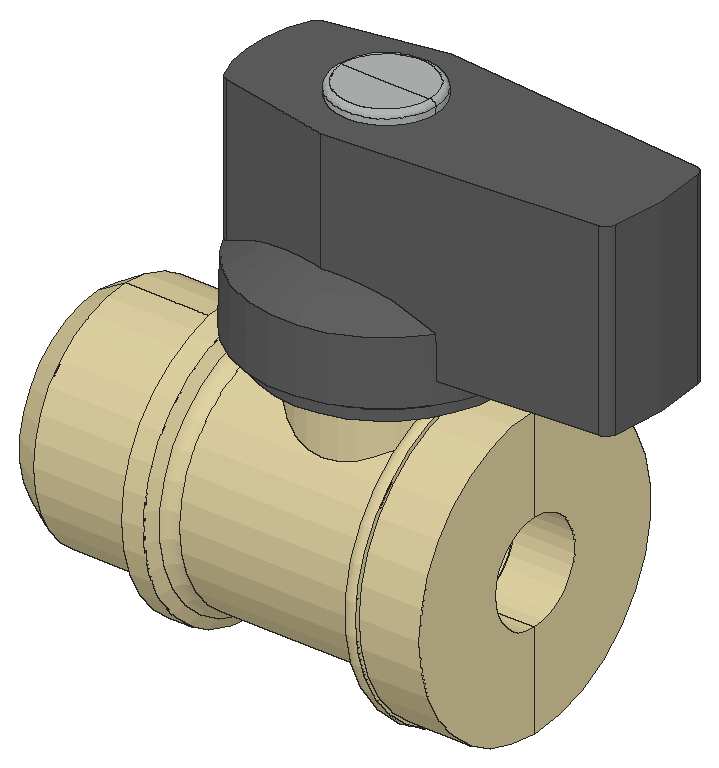
Revit family "QL23951015", category Apparecchi idraulici, Revit 2020
Family settings
  Quota connettore circolare = Usa diametro
  Tipo di parte = Normale
  Numero OmniClass = 23.45.00.00
  Titolo OmniClass = Sanitary, Laundry, and Cleaning Equipment
  Basato su piano di lavoro = No
  Sempre verticale = Sì
  Taglio con vuoti quando caricato = No
  Condiviso = No
  Punto di calcolo locali = No
Parameters
  URL = "https://web.cimberio.it/index.php/figura/954?subcategoria_id="
  Temperatura di esercizio = "-20 ÷ 90°C"
  Prospetto di default = 0 mm
  Produttore = "CIMBERIO SPA"
  Pressione nominale = "PN 16"
  Modello = "Cim 195/2"
  Materiale = "Prodotto in lega di ottone conforme alla norma EN 12165-CW617N-DW"
  Descrizione = "Realizzato in ottemperanza ai requisiti gestionali della norma EN ISO 9001.\r\nCollaudato al 100% secondo la normativa EN 12266-1.\r\nUtilizzato per impianti idraulici domestici e commerciali, impianti di riscaldamento come scarico caldaia"
  DN [instance] = 9 mm
  Type Comments = ""
Reference planes
  plane 1 "Centro (Fronte/Retro)": y = 0
  plane 2: z = 0
  plane 3 "Centro (Sinistra/Destra)": x = 0
Forms (mm)
  Revolve 1, solid, material "Cim_Lega di ottone gialla filetto"
    sketch origin (0, 0, 0) x (1, 0, 0) y (0, 0, 1)
      loop
        line (-26, 4.5) -> (-14, 4.5) -> (-14, 10.45) -> (-23.59, 10.45) -> (-26, 9.007) -> (-26, 4.5)
      axis (-26, 0) -> (-14, 0)
    angle from 0 to 360
  Revolve 2, solid, material "Cim_Lega di ottone gialla"
    sketch origin (0, 0, 0) x (1, 0, 0) y (0, 0, 1)
      loop
        line (-14, -4.5) -> (-14, -12.5) -> (-12, -12.5) -> (-11.423, -11.5)
        arc (-11.423, -11.5) -> (-10.874, -10.951) -> (-10.124, -10.75) r 1.5
        line (-10.124, -10.75) -> (5.412, -10.75) -> (6.711, -13)
        arc (6.711, -13) -> (7.277, -13.454) -> (8, -13.406) r 1
        line (8, -13.406) -> (8, -4.5) -> (-14, -4.5)
      axis (-14, 0) -> (8, 0)
    angle from 0 to 360
  Revolve 3, solid, material "Cim_Lega di ottone gialla filetto"
    sketch origin (0, 0, 0) x (1, 0, 0) y (0, 0, 1)
      loop
        line (8, 13.125) -> (8, 4.5) -> (13.5, 4.5) -> (13.5, 13.125) -> (8, 13.125)
      axis (8, 0) -> (13.5, 0)
    angle from 0 to 360
  Revolve 4, solid, material "Cim_Lega di ottone gialla"
    sketch origin (0, 0, 0) x (1, 0, 0) y (0, 0, 1)
      loop
        line (0, 18.3) -> (0, 7.255) -> (7.335, 7.255) -> (7.335, 16.85) -> (6.5, 16.85) -> (6.5, 18.3) -> (0, 18.3)
      axis (0, 18.3) -> (0, 7.255)
    angle from 0 to 360
  Revolve 5, solid, material "Cim_Gomma"
    sketch origin (0, 0, 0) x (1, 0, 0) y (0, 0, 1)
      loop
        line (0, 13.3) -> (0, 24.232)
        arc (0, 24.232) -> (-6.19, 23.617) -> (-11.799, 20.928) r 17.959
        line (-11.799, 20.928) -> (-11.9, 15.166) -> (-10.305, 14.245) -> (-10.305, 13.3) -> (0, 13.3)
      axis (0, 24.232) -> (0, 13.3)
    angle from 0 to 360
  Extrusion 6, solid, material "Cim_Gomma"
    sketch origin (0, 0, 0) x (1, 0, 0) y (0, 1, 0)
      loop
        arc (-10.06, 5.415) -> (-10.443, 5.242) -> (-10.723, 4.923) r 0.886
        arc (-10.723, 4.923) -> (-11.799, -0.045) -> (-10.672, -5) r 11.799
        arc (-10.672, -5) -> (-10.403, -5.334) -> (-10.012, -5.508) r 0.907
        arc (-10.012, -5.508) -> (-5.001, -6.428) -> (0.006, -7.374) r 970.03
        line (0.006, -7.374) -> (23.658, -5.5)
        arc (23.658, -5.5) -> (24.243, -5.247) -> (24.556, -4.691) r 1
        arc (24.556, -4.691) -> (25, 0) -> (24.556, 4.691) r 25
        arc (24.556, 4.691) -> (24.239, 5.25) -> (23.647, 5.501) r 1
        line (23.647, 5.501) -> (0.006, 7.374)
        arc (0.006, 7.374) -> (-5.024, 6.381) -> (-10.06, 5.415) r 970.804
    from 17.1 to 34.1
  Revolve 7, solid, material "Cim_Lega di ottone"
    sketch origin (0, 0, 0) x (1, 0, 0) y (0, 0, 1)
      loop
        line (4, 35.1) -> (0, 35.1) -> (0, 33.382) -> (4.5, 33.382) -> (4.5, 34.6)
        arc (4.5, 34.6) -> (4.354, 34.954) -> (4, 35.1) r 0.5
      axis (0, 35.1) -> (0, 33.382)
    angle from 0 to 360
Dimensions and locks
  aligned and locked: level to plane 2
Connectors
  piping at (13.5, 0, 0), diameter 9, driven by "DN"
    settings: on Revolve 3, index 1, connector inside diameter 609.6 mm, connector length 0 mm, flow factor 0, pipe flow 0.0 L/s, pressure drop 0.0 Pa, fitting loss kfactor 0, connector angle 0.00°, fixture units 0, engagement length 0 mm, angle of deflection 0.00°, flow configuration 0, flow direction 0, fitting loss method 0, system type 7, joint type 0, gender type 0, connector reference index -1, connector utility 0, adjustable connector no, is connector primary yes, connector description ""
  piping at (-26, 0, 0), diameter 9, driven by "DN"
    settings: on Revolve 1, index 2, connector inside diameter 609.6 mm, connector length 0 mm, flow factor 0, pipe flow 0.0 L/s, pressure drop 0.0 Pa, fitting loss kfactor 0, connector angle 0.00°, fixture units 0, engagement length 0 mm, angle of deflection 0.00°, flow configuration 0, flow direction 0, fitting loss method 0, system type 7, joint type 0, gender type 0, connector reference index -1, connector utility 0, adjustable connector no, is connector primary no, connector description ""
